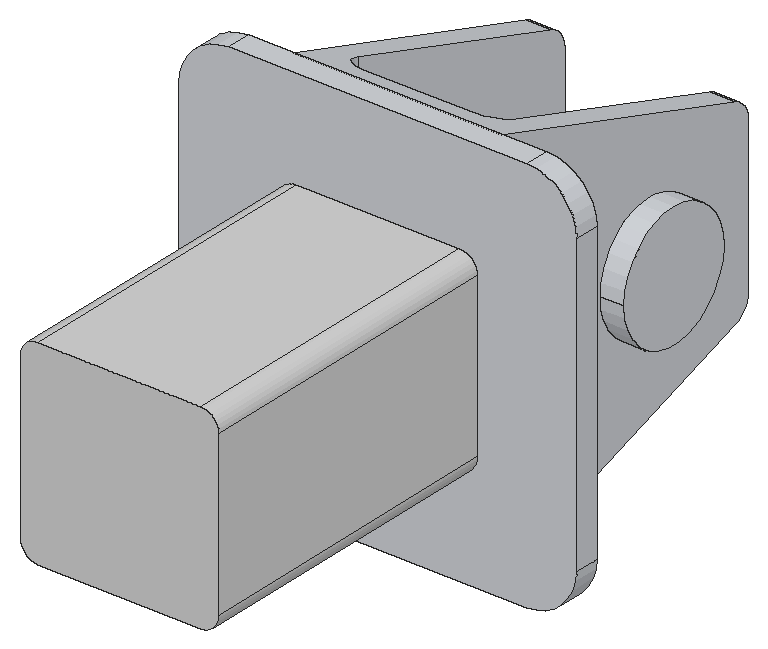
Revit family "EV_PUSH-PULL PROP HEAD 25_1920804", category Generic Models, Revit 2018
Family settings
  Can host rebar = No
  Round Connector Dimension = Use Diameter
  Part Type = Normal
  OmniClass Number = 35.51.14.00
  OmniClass Title = FORMWORK
  Work Plane-Based = Yes
  Always vertical = No
  Cut with Voids When Loaded = No
  Shared = Yes
  Room Calculation Point = No
Parameters
  VERTICAL RIB [instance] = no
  VERSION = "20170217"  # constant formula
  URL = "www.ulmaconstruction.com/en"
  UNICLASS = ""
  Manufacturer = "ULMA CONSTRUCTION"  # constant formula
  ITEM_CODE = "1920804"
  FILTER [instance] = ""
  Default Elevation = 0.000 mm
  CLASSIFICATION_TITLE = ""
  CLASSIFICATION_NUMBER = ""
  ANGLE [instance] = if(VERTICAL RIB, 90.00°, 0.00°)  # 0.00°
Reference planes
  plane 1 "Centro (Frontal/Posterior)": y = 0
  plane 2: z = 0
  plane 3 "Centro (Izquierda/Derecha)": x = 0
  plane 4 "AXE": z = 20
  plane 5: y = 42
Forms (mm)
  Extrusion 1, solid, material "ULMA ZINC", detail levels fine
    sketch origin (0, 0, 20) x (1, 0, 0) y (0, 0, 1)
      loop
        arc (-16.4, 20) -> (-18.946, 18.946) -> (-20, 16.4) r 3.6
        line (-20, 16.4) -> (-20, -16.4)
        arc (-20, -16.4) -> (-18.946, -18.946) -> (-16.4, -20) r 3.6
        line (-16.4, -20) -> (16.4, -20)
        arc (16.4, -20) -> (18.946, -18.946) -> (20, -16.4) r 3.6
        line (20, -16.4) -> (20, 16.4)
        arc (20, 16.4) -> (18.946, 18.946) -> (16.4, 20) r 3.6
        line (16.4, 20) -> (-16.4, 20)
    from -42 to 23
Lines and regions (mm)
  model lines, style "ULMA PUSH-PULL PROP", detail levels fine
    curve 1: circle (0, 0, 40) r 9.25 normal (0, 0, 1)
    curve 2: circle (0, 0, 0) r 9.25 normal (0, 0, 1)
    curve 3: circle (-20, 0, 20) r 9.25 normal (1, 0, 0)
    curve 4: circle (20, 0, 20) r 9.25 normal (1, 0, 0)
  reference lines
    curve 5: line (0, 42, 20) -> (340, 42, 20)
Dimensions and locks
  locked: plane 4 "AXE" to plane 2 at 20
  locked: plane 5 to plane 1 "Centro (Frontal/Posterior)" at 42
  "ANGLE": angle plane 4 "AXE" to curve 5
  aligned and locked: level to plane 2
  aligned and locked: plane 3 "Centro (Izquierda/Derecha)" to curve 5
  aligned and locked: plane 4 "AXE" to curve 5
Automatic sketch dimensions
  Extrusion 1 sketch curve to level = 0.000 mm
  level to Extrusion 1 sketch curve = 3.600 mm  (x2)
  Extrusion 1 sketch curve to plane 3 "Centro (Izquierda/Derecha)" = 20.000 mm
  Extrusion 1 sketch curve to Extrusion 1 sketch curve = 3.600 mm
  plane 3 "Centro (Izquierda/Derecha)" to Extrusion 1 sketch curve = 16.400 mm  (x2)
  plane 4 "AXE" to Extrusion 1 sketch curve = 16.400 mm
  Extrusion 1 to curve 1 = 16.400 mm
  Extrusion 1 to curve 1 = 23.000 mm
  curve 2 to Extrusion 1 = 23.000 mm
  curve 2 to Extrusion 1 = 16.400 mm
  curve 3 to Extrusion 1 = 16.400 mm
  Extrusion 1 to curve 3 = 23.000 mm
  Extrusion 1 to curve 4 = 16.400 mm
  Extrusion 1 to curve 4 = 23.000 mm
  radius of curve 1 = 9.250 mm
  radius of curve 2 = 9.250 mm
  radius of curve 3 = 9.250 mm
  radius of curve 4 = 9.250 mm
Nested families
  nested 1: "CHAPA U DOBLADA_1920804_PUSH-PULL PROP" at (0, 42, 20), type "CHAPA U DOBLADA_1920804_PUSH-PULL PROP"
    with FILTER "", ANGLE 0.00°
Definition of nested family "CHAPA U DOBLADA_1920804_PUSH-PULL PROP"
  Parameters (values of type "CHAPA U DOBLADA_1920804_PUSH-PULL PROP")
    VERSION = "20170217"  # constant formula
    URL = "www.ulmaconstruction.com/en"
    UNICLASS = ""
    Manufacturer = "ULMA CONSTRUCTION"  # constant formula
    FILTER [instance] = ""
    Default Elevation = 0.000 mm
    CLASSIFICATION_TITLE = ""
    CLASSIFICATION_NUMBER = ""
    ANGLE [instance] = 0.00°
  Reference planes
    plane 1 "Centro (Frontal/Posterior)": y = 0
    plane 2: z = 0
    plane 3 "Centro (Izquierda/Derecha)": x = 0
  Forms (mm)
    Extrusion 1, solid, detail levels fine
      sketch origin (0, 0, 0) x (-1, 0, 0) y (0, 0, -1)
        loop
          line (-40, 30) -> (-40, -30)
          arc (-40, -30) -> (-37.071, -37.071) -> (-30, -40) r 10
          line (-30, -40) -> (30, -40)
          arc (30, -40) -> (37.071, -37.071) -> (40, -30) r 10
          line (40, -30) -> (40, 30)
          arc (40, 30) -> (37.071, 37.071) -> (30, 40) r 10
          line (30, 40) -> (-30, 40)
          arc (-30, 40) -> (-37.071, 37.071) -> (-40, 30) r 10
      from 0 to -5
    Extrusion 2, solid, detail levels fine
      sketch origin (0, -41, 0) x (0, 1, 0) y (0, 0, -1)
        loop
          line (46, -40) -> (104.604, -20.15)
          arc (104.604, -20.15) -> (107.063, -18.328) -> (108, -15.415) r 5
          line (108, -15.415) -> (108, 15.415)
          arc (108, 15.415) -> (107.063, 18.328) -> (104.604, 20.15) r 5
          line (104.604, 20.15) -> (46, 40) -> (46, -40)
      from -21 to 21
    Extrusion 3, void
      sketch origin (0, -41, 60) x (0, 1, 0) y (-1, 0, 0)
        loop
          line (121, -16) -> (121, 16) -> (56, 16)
          arc (56, 16) -> (52.464, 14.536) -> (51, 11) r 5
          line (51, 11) -> (51, -11)
          arc (51, -11) -> (52.464, -14.536) -> (56, -16) r 5
          line (56, -16) -> (121, -16)
      from -110 to -10
    Extrusion 4, solid, detail levels fine
      sketch origin (0, -54, 20) x (0, 1, 0) y (0, 0, -1)
        loop
          circle (96, 20) r 12.5
      from -26 to -21
    Extrusion 5, solid, detail levels fine
      sketch origin (0, -54, 20) x (0, 1, 0) y (0, 0, -1)
        loop
          circle (96, 20) r 8
      from -16 to 54
    Extrusion 6, solid, detail levels coarse+medium
      sketch origin (0, 0, 0) x (0, 1, 0) y (0, 0, 1)
        loop
          line (67, 19) -> (5, 40) -> (5, -40) -> (67, -19) -> (67, 19)
      from 16 to 21
    Extrusion 7, solid, detail levels coarse+medium
      sketch origin (-37, 0, 0) x (0, 1, 0) y (0, 0, 1)
        loop
          line (67, 19) -> (5, 40) -> (5, -40) -> (67, -19) -> (67, 19)
      from 16 to 21
    Extrusion 8, solid, detail levels coarse+medium
      sketch origin (0, 0, 0) x (1, 0, 0) y (0, 0, 1)
        loop
          line (40, 40) -> (-40, 40) -> (-40, -40) -> (40, -40) -> (40, 40)
      from 0 to -5
  Cuts and joins
    Extrusion 3 cuts Extrusion 2
    joined: Extrusion 2, Extrusion 4, Extrusion 5
  Dimensions and locks
    aligned and locked: level to plane 2
